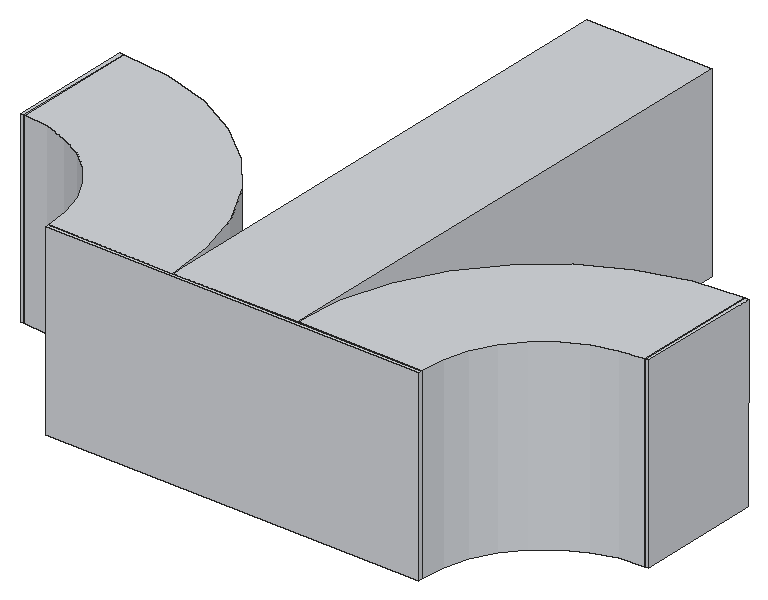
Revit family "M_Rectangular Three-Way Tee - DTL", category Duct Fittings, Revit 2014
Parameters (values of type "Standard")
  Visibility 2 [instance] = not(Length 13 = 0 mm)  # no
  Visibility 1 [instance] = Length > Length 25  # yes
  Top Change Right [instance] = -(Depth In - Depth Out Right) + Bottom Change Right  # 0 mm
  Top Change Left [instance] = -(Depth In - Depth Out Left) + Bottom Change Left  # 0 mm
  Top Offset 1 [instance] = (Depth In - Depth Out Left) / 2 - Top Change Left  # 0 mm
  Top Offset 2 [instance] = (Depth In - Depth Out Right) / 2 - Top Change Right  # 0 mm
  Straight Out Right [instance] = 0 mm
  Straight Out Left [instance] = 0 mm
  Straight In [instance] = 0 mm
  Radius Right [instance] = 300 mm
  Radius Left [instance] = 300 mm
  Offset Length [instance] = Offset + Width In / 2 - Width Out / 2  # 300 mm
  Offset [instance] = 0 mm
  Length 13 [instance] = Offset Length - Width In / 2 + Width Out / 2  # 0 mm
  Length 7 [instance] = Depth Out Left / 4 + Top Offset 1  # 112.5 mm
  Length 6 [instance] = (Depth In + Depth Out Left + Depth Out Right + abs(Top Offset 1) + abs(Top Offset 2)) / 2  # 675 mm
  Length 5 [instance] = (Radius Right + Width Out Right / 2)  # 450 mm
  Length 4 [instance] = (Radius Left + Width Out Left / 2)  # 450 mm
  Length 3 [instance] = Width In / 2 + Radius Right  # 750 mm
  Length 27 [instance] = Width Out Left + Width Out Right + Radius Left + Radius Right + Width Out Right + Length 13  # 1500 mm
  Length 26 [instance] = if(Length 13 = 0 mm, 8400 mm, 9144 mm - Length 13)  # 8400 mm
  Length 25 [instance] = if(Length 13 > 0 mm, Center Radius 2, Center Radius 1)  # 450 mm
  Length 24 [instance] = if(Length < Length 25, Length, Length 25)  # 450 mm
  Length 23 [instance] = if(Center Radius 1 > Center Radius 2, Center Radius 1, Center Radius 2)  # 450 mm
  Length 22 [instance] = if(Length 13 > 0 mm, if(Length > Center Radius 2, Center Radius 2, 150 mm), if(Length > Center Radius 1, Center Radius 1, 150 mm))  # 450 mm
  Length 20 [instance] = Radius Left + Radius Right + (Width Out Left + Width Out Right)  # 1200 mm
  Length 2 [instance] = Width In / 2 + Radius Left  # 750 mm
  Length 19 [instance] = 9144 mm - Length 13  # 9144 mm
  Length 18 [instance] = if(Straight In Length 1 = 0 mm, 0.198 mm, Straight In Length 1)  # 9.375 mm
  Length 17 [instance] = if(Straight Out Right Length 1 = 0 mm, 0.198 mm, Straight Out Right Length 1)  # 9.375 mm
  Length 16 [instance] = if(Straight Out Left Length 1 = 0 mm, 0.198 mm, Straight Out Left Length 1)  # 9.375 mm
  Length 15 [instance] = 3048 mm + Top Offset 2  # 3048 mm
  Length 14 [instance] = 3048 mm + Top Offset 1  # 3048 mm
  Length 12 [instance] = (Radius Right + Width Out Right / 2)  # 450 mm
  Length 11 [instance] = (Radius Left + Width Out Left / 2)  # 450 mm
  Length 1 [instance] = 9144 mm - (Length 4 + Length 5) / 2  # 8694 mm
  Width Out [instance] = 300 mm
  Width In [instance] = 900 mm
  Width Out Right [instance] = 300 mm
  Width Out Left [instance] = 300 mm
  Length [instance] = 1250 mm
  Straight In Length 1 [instance] = if(Straight In = 0 mm, 300 mm / 32, Straight In)  # 9.375 mm
  Straight Out Right Length 1 [instance] = if(Straight Out Right = 0 mm, 300 mm / 32, Straight Out Right)  # 9.375 mm
  Straight Out Left Length 1 [instance] = if(Straight Out Left = 0 mm, 300 mm / 32, Straight Out Left)  # 9.375 mm
  Depth In [instance] = 450 mm
  Depth Out Right [instance] = 450 mm
  Depth Out Left [instance] = 450 mm
  Center Radius 2 [instance] = Radius Right + Width Out Right / 2  # 450 mm
  Center Radius 1 [instance] = Radius Left + Width Out Left / 2  # 450 mm
  Bottom Change Right [instance] = 0 mm
  Bottom Change Left [instance] = 0 mm
Reference planes
  plane 1 "Center (Front/Back)": y = 0
  plane 2: z = 0
  plane 3 "Center (Left/Right)": x = 0
  plane 4: y = -9144
  plane 5: y = -450
  plane 6: x = 750
  plane 7: x = -750
  plane 8: z = 675
  plane 9: z = -675
  plane 10: z = 675
  plane 11: z = -675
  plane 12: y = 0
  plane 13: x = -750
  plane 14: z = 0
  plane 15: x = 750
  plane 16: y = 0
  plane 17: z = 0
  plane 18: z = 675
  plane 19: z = -675
  plane 20: z = -3048
  plane 21: y = -459.375
  plane 22: x = 9144
  plane 23: x = 0
  plane 24: y = 800
  plane 25: y = 2000
  plane 26: y = 0
  plane 27: y = 0
  plane 28: y = 0
  plane 29: y = 0
  plane 30: x = 744
  plane 31: x = -2250
  plane 32: x = 2250
Forms (mm)
  SweptBlend 1, solid, detail levels medium+fine
    path in 3D
      loop
        arc (-300, -450, 0) -> (-431.802, -131.802, 0) -> (-750, 0, 0) r 450
    profile "M_Duct - Rectangular : Duct - Rectangular 4" origin (-300, -450, 0) x (-1, 0, 0) y (0, 0, 1)
      loop
        line (-150, 225) -> (-150, -225) -> (150, -225) -> (150, 225) -> (-150, 225)
    end profile "M_Duct - Rectangular : Duct - Rectangular 1" origin (-750, 0, 0) x (0, -1, 0) y (0, 0, 1)
      loop
        line (-150, 225) -> (-150, -225) -> (150, -225) -> (150, 225) -> (-150, 225)
  SweptBlend 2, solid, detail levels medium+fine
    path in 3D
      loop
        arc (300, -450, 0) -> (431.802, -131.802, 0) -> (750, 0, 0) r 450
    profile "M_Duct - Rectangular : Duct - Rectangular 5" origin (300, -450, 0) x (-1, 0, 0) y (0, 0, 1)
      loop
        line (-150, 225) -> (-150, -225) -> (150, -225) -> (150, 225) -> (-150, 225)
    end profile "M_Duct - Rectangular : Duct - Rectangular 2" origin (750, 0, 0) x (0, 1, 0) y (0, 0, 1)
      loop
        line (-150, 225) -> (-150, -225) -> (150, -225) -> (150, 225) -> (-150, 225)
  Extrusion 3, void
    sketch origin (0, 0, 0) x (1, 0, 0) y (0, 1, 0)
      loop
        circle (750, -450) r 300
    from -675 to 675
  Extrusion 4, void
    sketch origin (0, 0, 0) x (1, 0, 0) y (0, 1, 0)
      loop
        circle (-750, -450) r 300
    from -675 to 675
  Extrusion 5, void
    sketch origin (0, 0, 0) x (1, 0, 0) y (0, 1, 0)
      loop
        circle (-750, -450) r 304.8
    from -675 to 675
  Extrusion 6, void
    sketch origin (0, 0, 0) x (1, 0, 0) y (0, 1, 0)
      loop
        circle (-750, -450) r 304.8
    from -675 to 675
  Extrusion 7, void
    sketch origin (0, 0, 0) x (1, 0, 0) y (0, 1, 0)
      loop
        circle (750, -450) r 304.8
    from -675 to 675
  Extrusion 8, void
    sketch origin (0, 0, 0) x (1, 0, 0) y (0, 1, 0)
      loop
        circle (750, -450) r 304.8
    from -675 to 675
  Sweep 9, solid, detail levels medium+fine
    path in 3D
      loop
        line (-750, 0, 0) -> (-759.375, 0, 0)
    profile "M_Duct - Rectangular : Duct - Rectangular 1" origin (-754.687, 0, 0) x (0, -1, 0) y (0, 0, 1)
      loop
        line (-150, 225) -> (-150, -225) -> (150, -225) -> (150, 225) -> (-150, 225)
  Sweep 10, solid, detail levels medium+fine
    path in 3D
      loop
        line (750, 0, 0) -> (759.375, 0, 0)
    profile "M_Duct - Rectangular : Duct - Rectangular 2" origin (754.687, 0, 0) x (0, 1, 0) y (0, 0, 1)
      loop
        line (-150, 225) -> (-150, -225) -> (150, -225) -> (150, 225) -> (-150, 225)
  Sweep 11, solid, detail levels medium+fine
    path in 3D
      loop
        line (0, 800, 0) -> (0, -450, 0)
    profile "M_Duct - Rectangular : Duct - Rectangular 6" origin (0, 175, 0) x (1, 0, 0) y (0, 0, 1)
      loop
        line (-150, 225) -> (-150, -225) -> (150, -225) -> (150, 225) -> (-150, 225)
  Sweep 12, solid, detail levels medium+fine
    path in 3D
      loop
        line (0, -450, 0) -> (0, -459.375, 0)
    profile "M_Duct - Rectangular : Duct - Rectangular 3" origin (0, -454.687, 0) x (1, 0, 0) y (0, 0, 1)
      loop
        line (-450, 225) -> (-450, -225) -> (450, -225) -> (450, 225) -> (-450, 225)
  Sweep 13, void
    path in 3D
      loop
        line (0, 2000, 0) -> (0, 800, 0)
    profile "M_Duct - Rectangular : Duct - Rectangular 6" origin (0, 1400, 0) x (1, 0, 0) y (0, 0, 1)
      loop
        line (-150, 225) -> (-150, -225) -> (150, -225) -> (150, 225) -> (-150, 225)
  Extrusion 14, void
    sketch origin (0, 0, 0) x (1, 0, 0) y (0, 1, 0)
      loop
        line (750, -145.35) -> (750, -754.65) -> (2250, -754.65) -> (2250, -145.35) -> (750, -145.35)
    from -675 to 675
  Extrusion 15, void
    sketch origin (0, 0, 0) x (1, 0, 0) y (0, 1, 0)
      loop
        line (750, -150) -> (750, -750) -> (2250, -750) -> (2250, -150) -> (750, -150)
    from -675 to 675
  Extrusion 16, void
    sketch origin (0, 0, 0) x (1, 0, 0) y (0, 1, 0)
      loop
        line (750, -145.35) -> (750, -754.65) -> (2250, -754.65) -> (2250, -145.35) -> (750, -145.35)
    from -675 to 675
  Extrusion 17, void
    sketch origin (0, 0, 0) x (1, 0, 0) y (0, 1, 0)
      loop
        line (-2250, -145.35) -> (-2250, -754.65) -> (-750, -754.65) -> (-750, -145.35) -> (-2250, -145.35)
    from -675 to 675
  Extrusion 18, void
    sketch origin (0, 0, 0) x (1, 0, 0) y (0, 1, 0)
      loop
        line (-2250, -150) -> (-2250, -750) -> (-750, -750) -> (-750, -150) -> (-2250, -150)
    from -675 to 675
  Extrusion 19, void
    sketch origin (0, 0, 0) x (1, 0, 0) y (0, 1, 0)
      loop
        line (-2250, -145.35) -> (-2250, -754.65) -> (-750, -754.65) -> (-750, -145.35) -> (-2250, -145.35)
    from -675 to 675
Cuts and joins
  Extrusion 3, Sweep 13, Extrusion 15, Extrusion 18 cuts SweptBlend 1
  Extrusion 4, Sweep 13 cuts SweptBlend 2
  Extrusion 3, Extrusion 4, Extrusion 15, Extrusion 18 cuts Sweep 11
Lines and regions (mm)
  model lines, not visible
    curve 1: arc (-300, -450, 0) -> (-431.802, -131.802, 0) -> (-750, 0, 0) r 450
    curve 2: arc (300, -450, 0) -> (431.802, -131.802, 0) -> (750, 0, 0) r 450
  sketch lines
    curve 3: arc (-300, -450, 0) -> (-431.802, -131.802, 0) -> (-750, 0, 0) r 450
    curve 4: arc (300, -450, 0) -> (431.802, -131.802, 0) -> (750, 0, 0) r 450
    curve 6: line (-750, 0, 0) -> (-759.375, 0, 0)
    curve 8: line (750, 0, 0) -> (759.375, 0, 0)
    curve 11: line (0, -450, 0) -> (0, -459.375, 0)
    curve 17: line (0, 2000, 0) -> (0, 800, 0)
    curve 19: line (0, 800, 0) -> (0, -450, 0)
  model lines, detail levels coarse
    curve 5: line (-750, 0, 0) -> (-759.375, 0, 0)
    curve 7: line (750, 0, 0) -> (759.375, 0, 0)
    curve 10: line (0, -450, 0) -> (0, -459.375, 0)
    curve 12: line (0, 0, 0) -> (-750, 0, 0)
    curve 13: line (0, 0, 0) -> (750, 0, 0)
    curve 15: line (0, 0, 0) -> (0, -450, 0)
    curve 16: line (0, 0, 0) -> (0, -450, 0)
  reference lines
    curve 9: line (0, 2000, 0) -> (0, 800, 0)
    curve 18: line (0, 800, 0) -> (0, -450, 0)
  model lines, visible <- "Visibility 1", detail levels coarse
    curve 14: line (0, 800, 0) -> (0, 0, 0)
  model lines, visible <- "Visibility 2", detail levels coarse
    curve 20: line (0, 0, 0) -> (744, 0, 0)
Dimensions and locks
  locked: plane 4 to plane 1 "Center (Front/Back)" at 9144
  "Length 1": plane 5 to plane 4
  "Length 2": plane 7 to plane 3 "Center (Left/Right)"
  "Length 3": plane 3 "Center (Left/Right)" to plane 6
  equal spacing: plane 8, plane 2, plane 9
  "Length 6": plane 8 to plane 2
  equal spacing: plane 10, plane 2, plane 11
  "Length 6": plane 10 to plane 2
  locked: plane 7 to plane 13 at 0
  "Length 11": plane 12 to plane 5
  "Length 12": plane 16 to plane 5
  locked: plane 15 to plane 6 at 0
  equal spacing: plane 18, plane 2, plane 19
  "Length 6": plane 18 to plane 2
  locked: plane 2 to plane 20 at 3048
  "Length 14": plane 14 to plane 20
  "Length 15": plane 17 to plane 20
  "Length 18": plane 5 to plane 21
  "Length 16": curve 5 to curve 5
  "Length 17": curve 7 to curve 7
  locked: plane 22 to plane 3 "Center (Left/Right)" at 9144
  "Length 19": plane 23 to plane 22
  "Length": plane 24 to plane 5
  "Length 20": plane 25 to plane 24
  "Center Radius 1": plane 26 to plane 5
  "Center Radius 2": plane 27 to plane 5
  "Length 22": plane 28 to plane 5
  "Length 24": plane 29 to plane 5
  "Length 26": plane 30 to plane 22
  "Length 24": plane 5 to curve 20
  equal spacing: Extrusion 14 sketch curve, plane 5, Extrusion 14 sketch curve
  "Length 27": plane 31 to plane 7
  "Length 27": plane 6 to plane 32
  equal spacing: Extrusion 15 sketch curve, plane 5, Extrusion 15 sketch curve
  "Radius Right": plane 5 to Extrusion 15 sketch curve
  equal spacing: Extrusion 16 sketch curve, plane 5, Extrusion 16 sketch curve
  equal spacing: Extrusion 17 sketch curve, plane 5, Extrusion 17 sketch curve
  equal spacing: Extrusion 18 sketch curve, plane 5, Extrusion 18 sketch curve
  "Radius Left": plane 5 to Extrusion 18 sketch curve
  equal spacing: Extrusion 19 sketch curve, plane 5, Extrusion 19 sketch curve
  "Center Radius 1": radius of curve 1
  "Center Radius 2": radius of curve 2
  "Radius Right": radius of Extrusion 3 sketch curve
  "Radius Left": radius of Extrusion 4 sketch curve
  locked: curve 1 to curve 1 (angle 90.00°)
  locked: curve 2 to curve 2 (angle 90.00°)
  locked: plane 13 to curve 5 (angle 90.00°)
  locked: curve 7 to plane 15 (angle 90.00°)
  aligned and locked: plane 7 to curve 1
  aligned and locked: plane 5 to curve 1  (x2)
  aligned and locked: plane 6 to curve 2
  aligned and locked: plane 5 to curve 2  (x2)
  aligned and locked: plane 6 to Extrusion 3 sketch curve
  aligned and locked: plane 5 to Extrusion 3 sketch curve
  aligned and locked: plane 8 to Extrusion 3
  aligned and locked: Extrusion 3 to plane 9
  aligned and locked: plane 7 to Extrusion 4 sketch curve
  aligned and locked: plane 5 to Extrusion 4 sketch curve
  aligned and locked: Extrusion 4 to plane 10
  aligned and locked: plane 11 to Extrusion 4
  aligned and locked: plane 7 to Extrusion 5 sketch curve
  aligned and locked: plane 5 to Extrusion 5 sketch curve
  aligned and locked: plane 7 to Extrusion 6 sketch curve
  aligned and locked: plane 5 to Extrusion 6 sketch curve
  aligned and locked: plane 18 to Extrusion 5
  aligned and locked: Extrusion 5 to plane 19
  aligned and locked: Extrusion 6 to plane 19
  aligned and locked: plane 18 to Extrusion 6
  aligned and locked: plane 6 to Extrusion 7 sketch curve
  aligned and locked: plane 5 to Extrusion 7 sketch curve
  aligned and locked: plane 18 to Extrusion 7
  aligned and locked: Extrusion 7 to plane 19
  aligned and locked: plane 6 to Extrusion 8 sketch curve
  aligned and locked: plane 5 to Extrusion 8 sketch curve
  aligned and locked: plane 18 to Extrusion 8
  aligned and locked: Extrusion 8 to plane 19
  aligned and locked: plane 13 to curve 12
  aligned and locked: plane 14 to curve 12
  aligned and locked: plane 3 "Center (Left/Right)" to curve 12
  aligned and locked: plane 2 to curve 12
  aligned and locked: plane 17 to curve 13
  aligned and locked: plane 15 to curve 13
  aligned and locked: plane 3 "Center (Left/Right)" to curve 13
  aligned and locked: plane 2 to curve 13
  aligned and locked: plane 5 to curve 15
  aligned and locked: curve 15 to plane 3 "Center (Left/Right)"
  aligned and locked: plane 27 to curve 16
  aligned and locked: curve 16 to plane 3 "Center (Left/Right)"
  aligned and locked: curve 14 to plane 23
  aligned and locked: plane 28 to curve 14
  aligned and locked: curve 15 to plane 26
  aligned and locked: plane 24 to curve 18
  aligned and locked: plane 5 to curve 18
  aligned and locked: curve 18 to plane 23
  aligned and locked: curve 20 to plane 30
  aligned and locked: plane 3 "Center (Left/Right)" to curve 20
  aligned and locked: plane 6 to Extrusion 14 sketch curve
  aligned and locked: plane 18 to Extrusion 14
  aligned and locked: Extrusion 14 to plane 19
  aligned and locked: Extrusion 14 sketch curve to plane 32
  aligned and locked: plane 6 to Extrusion 15 sketch curve
  aligned and locked: Extrusion 15 sketch curve to plane 32
  aligned and locked: plane 18 to Extrusion 15
  aligned and locked: Extrusion 15 to plane 19
  aligned and locked: plane 6 to Extrusion 16 sketch curve
  aligned and locked: Extrusion 16 sketch curve to plane 32
  aligned and locked: plane 18 to Extrusion 16
  aligned and locked: Extrusion 16 to plane 19
  aligned and locked: plane 31 to Extrusion 17 sketch curve
  aligned and locked: Extrusion 17 sketch curve to plane 13
  aligned and locked: plane 18 to Extrusion 17
  aligned and locked: Extrusion 17 to plane 19
  aligned and locked: plane 31 to Extrusion 18 sketch curve
  aligned and locked: Extrusion 18 sketch curve to plane 7
  aligned and locked: plane 18 to Extrusion 18
  aligned and locked: Extrusion 18 to plane 19
  aligned and locked: plane 31 to Extrusion 19 sketch curve
  aligned and locked: Extrusion 19 sketch curve to plane 7
  aligned and locked: plane 18 to Extrusion 19
  aligned and locked: Extrusion 19 to plane 19
Automatic sketch dimensions
  curve 5 to plane 12 = 0 mm
  curve 5 to plane 13 = 0 mm
  curve 7 to plane 16 = 0 mm
  curve 7 to plane 6 = 0 mm
  curve 9 to plane 25 = 0 mm
  curve 10 to plane 21 = 0 mm
  curve 14 to plane 24 = 0 mm
  Extrusion 14 sketch curve to plane 21 = 295.275 mm
  Extrusion 16 sketch curve to plane 21 = 295.275 mm
  Extrusion 17 sketch curve to plane 21 = 295.275 mm
  Extrusion 19 sketch curve to plane 21 = 295.275 mm
  radius of Extrusion 5 sketch curve = 304.8 mm
  radius of Extrusion 6 sketch curve = 304.8 mm
  radius of Extrusion 7 sketch curve = 304.8 mm
  radius of Extrusion 8 sketch curve = 304.8 mm
Connectors
  hvac at (-759.375, 0, 0), driven by "Depth Out Left", driven by "Width Out Left"
    settings: on Sweep 9, index 1, duct flow 0.0 L/s, flow factor 0, pres drop 0.0 Pa, loss coef 0, conn angle 0.00°, conn width 300 mm, conn height 450 mm, conn diameter 609.6 mm, duct sys type 28, conn prof type 1, flow config 0, flow direction 0, loss method 0, conn ref index 2, conn util no, is conn primary yes, conn desc ""
  hvac at (759.375, 0, 0), driven by "Depth Out Right", driven by "Width Out Right"
    settings: on Sweep 10, index 2, duct flow 0.0 L/s, flow factor 0, pres drop 0.0 Pa, loss coef 0, conn angle 0.00°, conn width 300 mm, conn height 450 mm, conn diameter 609.6 mm, duct sys type 28, conn prof type 1, flow config 0, flow direction 0, loss method 0, conn ref index 1, conn util no, is conn primary no, conn desc ""
  hvac at (0, -459.375, 0), driven by "Depth In", driven by "Width In"
    settings: on Sweep 12, index 3, duct flow 0.0 L/s, flow factor 0, pres drop 0.0 Pa, loss coef 0, conn angle 0.00°, conn width 900 mm, conn height 450 mm, conn diameter 609.6 mm, duct sys type 28, conn prof type 1, flow config 0, flow direction 0, loss method 0, conn ref index 4, conn util no, is conn primary no, conn desc ""
  hvac at (0, 800, 0), driven by "Depth In", driven by "Width Out"
    settings: on Sweep 11, index 4, duct flow 0.0 L/s, flow factor 0, pres drop 0.0 Pa, loss coef 0, conn angle 0.00°, conn width 300 mm, conn height 450 mm, conn diameter 609.6 mm, duct sys type 28, conn prof type 1, flow config 0, flow direction 0, loss method 0, conn ref index 3, conn util no, is conn primary no, conn desc ""
